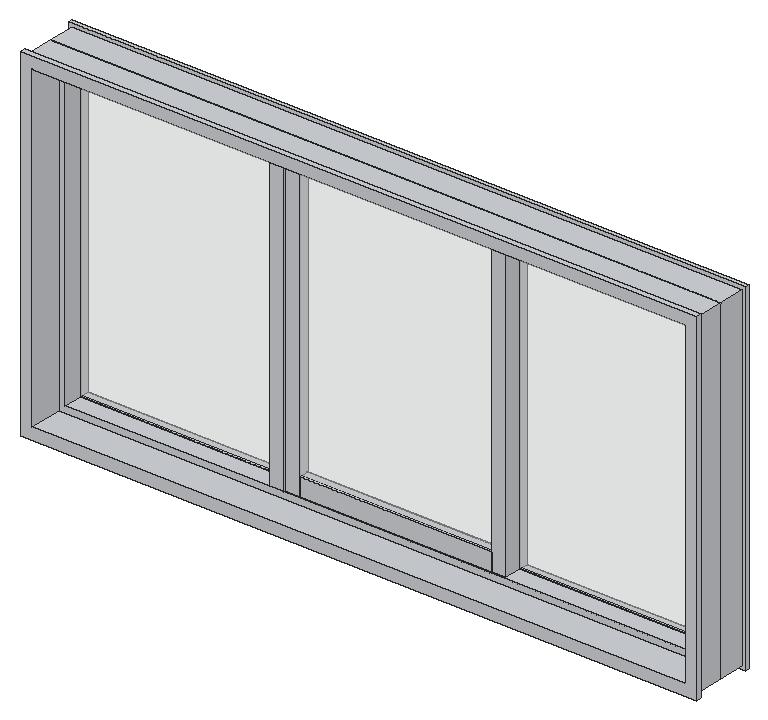
Revit family "APL Residential Thermal Heart Sliding Window FSF", category Windows, host Wall, Revit 2017 (continued)
Definition of nested family "APL Residential Thermal Heart Sliding Window FSF Horizontal Section"
  Definition of nested family "Jamb Fixed"
    Definition of nested family "65400_Jamb Fixed"
      Lines and regions (mm)
        detail lines, in view "Ref. Level"
          curve 179: line (42.5, 5.75, 0) -> (42.5, 6.5, 0)
          curve 180: line (43.5, 7.5, 0) -> (44.395, 7.5, 0)
          curve 181: line (44.6, 7.7, 0) -> (44.6, 18.8, 0)
          curve 182: line (44.395, 19, 0) -> (34.3, 19, 0)
          curve 183: line (34.3, 19, 0) -> (33.9, 19.4, 0)
          curve 184: line (33.9, 19.4, 0) -> (33.5, 19, 0)
          curve 185: line (33.5, 19, 0) -> (26.583, 19, 0)
          curve 186: line (25.813, 18.732, 0) -> (24.403, 18.218, 0)
          curve 187: line (24.001, 18.526, 0) -> (24.208, 20.892, 0)
          curve 188: line (24.295, 21.078, 0) -> (24.659, 21.441, 0)
          curve 189: line (24.993, 21.352, 0) -> (25.038, 21.184, 0)
          curve 190: line (25.179, 21.043, 0) -> (27.312, 20.472, 0)
          curve 191: line (27.5, 21.247, 0) -> (27.5, 24.475, 0)
          curve 192: line (27.5, 24.5, 0) -> (27.694, 25.25, 0)
          curve 193: line (27.5, 25.5, 0) -> (26.979, 25.5, 0)
          curve 194: line (26.823, 25.456, 0) -> (25.569, 24.691, 0)
          curve 195: line (25, 24.55, 0) -> (25, 26.126, 0)
          curve 196: line (25.479, 26.979, 0) -> (26.284, 27.471, 0)
          curve 197: line (26.389, 27.5, 0) -> (27.5, 27.5, 0)
          curve 198: line (27.5, 27.5, 0) -> (27.5, 34.3, 0)
          curve 199: arc (27.5, 34.3, 0) -> (27.447, 34.435, 0) -> (27.317, 34.499, 0) r 0.2
          curve 200: arc (70.2, 32.6, 0) -> (70.317, 32.883, 0) -> (70.6, 33, 0) r 0.4
          curve 201: arc (70.893, 33, 0) -> (70.996, 32.986, 0) -> (71.093, 32.946, 0) r 0.4
          curve 202: arc (72.621, 32.061, 0) -> (72.911, 31.941, 0) -> (73.222, 31.9, 0) r 1.2
          curve 203: arc (74.145, 31.9, 0) -> (74.718, 31.719, 0) -> (75.084, 31.242, 0) r 1
          curve 204: arc (75.877, 29.063, 0) -> (76.024, 28.872, 0) -> (76.253, 28.8, 0) r 0.4
          curve 205: arc (78.947, 28.8, 0) -> (79.176, 28.872, 0) -> (79.323, 29.063, 0) r 0.4
          curve 206: arc (80.116, 31.242, 0) -> (80.482, 31.719, 0) -> (81.055, 31.9, 0) r 1
          curve 207: arc (81.978, 31.9, 0) -> (82.289, 31.941, 0) -> (82.579, 32.061, 0) r 1.2
          curve 208: arc (84.107, 32.946, 0) -> (84.204, 32.986, 0) -> (84.307, 33, 0) r 0.4
          curve 209: arc (84.6, 33, 0) -> (84.883, 32.883, 0) -> (85, 32.6, 0) r 0.4
          curve 210: arc (85, 29.2, 0) -> (84.883, 28.917, 0) -> (84.6, 28.8, 0) r 0.4
          curve 211: arc (84.307, 28.8, 0) -> (84.204, 28.814, 0) -> (84.107, 28.854, 0) r 0.4
          curve 212: arc (82.579, 29.739, 0) -> (82.285, 29.86, 0) -> (81.97, 29.9, 0) r 1.2
          curve 213: arc (81.97, 29.9, 0) -> (81.795, 29.847, 0) -> (81.684, 29.703, 0) r 0.3
          curve 214: arc (80.796, 27.263, 0) -> (80.649, 27.072, 0) -> (80.42, 27, 0) r 0.4
          curve 215: arc (74.78, 27, 0) -> (74.551, 27.072, 0) -> (74.404, 27.263, 0) r 0.4
          curve 216: arc (73.516, 29.703, 0) -> (73.405, 29.847, 0) -> (73.23, 29.9, 0) r 0.3
          curve 217: arc (73.23, 29.9, 0) -> (72.915, 29.86, 0) -> (72.621, 29.739, 0) r 1.2
          curve 218: arc (71.093, 28.854, 0) -> (70.996, 28.814, 0) -> (70.893, 28.8, 0) r 0.4
          curve 219: arc (70.6, 28.8, 0) -> (70.317, 28.917, 0) -> (70.2, 29.2, 0) r 0.4
          curve 220: line (70.6, 33, 0) -> (70.893, 33, 0)
          curve 221: line (71.093, 32.946, 0) -> (72.621, 32.061, 0)
          curve 222: line (73.222, 31.9, 0) -> (74.145, 31.9, 0)
          curve 223: line (75.084, 31.242, 0) -> (75.877, 29.063, 0)
          curve 224: line (76.253, 28.8, 0) -> (78.947, 28.8, 0)
          curve 225: line (79.323, 29.063, 0) -> (80.116, 31.242, 0)
          curve 226: line (81.055, 31.9, 0) -> (81.978, 31.9, 0)
          curve 227: line (82.579, 32.061, 0) -> (84.107, 32.946, 0)
          curve 228: line (84.307, 33, 0) -> (84.6, 33, 0)
          curve 229: line (85, 32.6, 0) -> (85, 29.2, 0)
          curve 230: line (84.6, 28.8, 0) -> (84.307, 28.8, 0)
          curve 231: line (84.107, 28.854, 0) -> (82.579, 29.739, 0)
          curve 232: line (81.684, 29.703, 0) -> (80.796, 27.263, 0)
          curve 233: line (80.42, 27, 0) -> (74.78, 27, 0)
          curve 234: line (74.404, 27.263, 0) -> (73.516, 29.703, 0)
          curve 235: line (72.621, 29.739, 0) -> (71.093, 28.854, 0)
          curve 236: line (70.893, 28.8, 0) -> (70.6, 28.8, 0)
          curve 237: line (70.2, 29.2, 0) -> (70.2, 32.6, 0)
          curve 238: arc (70.2, 37.4, 0) -> (70.317, 37.117, 0) -> (70.6, 37, 0) r 0.4
          curve 239: arc (70.893, 37, 0) -> (70.996, 37.014, 0) -> (71.093, 37.054, 0) r 0.4
          curve 240: arc (72.621, 37.939, 0) -> (72.911, 38.059, 0) -> (73.222, 38.1, 0) r 1.2
          curve 241: arc (74.145, 38.1, 0) -> (74.718, 38.281, 0) -> (75.084, 38.758, 0) r 1
          curve 242: arc (75.877, 40.937, 0) -> (76.024, 41.128, 0) -> (76.253, 41.2, 0) r 0.4
          curve 243: arc (78.947, 41.2, 0) -> (79.176, 41.128, 0) -> (79.323, 40.937, 0) r 0.4
          curve 244: arc (80.116, 38.758, 0) -> (80.482, 38.281, 0) -> (81.055, 38.1, 0) r 1
          curve 245: arc (81.978, 38.1, 0) -> (82.289, 38.059, 0) -> (82.579, 37.939, 0) r 1.2
          curve 246: arc (84.107, 37.054, 0) -> (84.204, 37.014, 0) -> (84.307, 37, 0) r 0.4
          curve 247: arc (84.6, 37, 0) -> (84.883, 37.117, 0) -> (85, 37.4, 0) r 0.4
          curve 248: arc (85, 40.8, 0) -> (84.883, 41.083, 0) -> (84.6, 41.2, 0) r 0.4
          curve 249: arc (84.307, 41.2, 0) -> (84.204, 41.186, 0) -> (84.107, 41.146, 0) r 0.4
          curve 250: arc (82.579, 40.262, 0) -> (82.285, 40.14, 0) -> (81.97, 40.1, 0) r 1.2
          curve 251: arc (81.97, 40.1, 0) -> (81.795, 40.153, 0) -> (81.684, 40.297, 0) r 0.3
          curve 252: arc (80.796, 42.737, 0) -> (80.649, 42.928, 0) -> (80.42, 43, 0) r 0.4
          curve 253: arc (74.78, 43, 0) -> (74.551, 42.928, 0) -> (74.404, 42.737, 0) r 0.4
          curve 254: arc (73.516, 40.297, 0) -> (73.405, 40.153, 0) -> (73.23, 40.1, 0) r 0.3
          curve 255: arc (73.23, 40.1, 0) -> (72.915, 40.14, 0) -> (72.621, 40.262, 0) r 1.2
          curve 256: arc (71.093, 41.146, 0) -> (70.996, 41.186, 0) -> (70.893, 41.2, 0) r 0.4
          curve 257: arc (70.6, 41.2, 0) -> (70.317, 41.083, 0) -> (70.2, 40.8, 0) r 0.4
          curve 258: line (70.6, 37, 0) -> (70.893, 37, 0)
          curve 259: line (71.093, 37.054, 0) -> (72.621, 37.939, 0)
          curve 260: line (73.222, 38.1, 0) -> (74.145, 38.1, 0)
          curve 261: line (75.084, 38.758, 0) -> (75.877, 40.937, 0)
          curve 262: line (76.253, 41.2, 0) -> (78.947, 41.2, 0)
          curve 263: line (79.323, 40.937, 0) -> (80.116, 38.758, 0)
          curve 264: line (81.055, 38.1, 0) -> (81.978, 38.1, 0)
          curve 265: line (82.579, 37.939, 0) -> (84.107, 37.054, 0)
          curve 266: line (84.307, 37, 0) -> (84.6, 37, 0)
          curve 267: line (85, 37.4, 0) -> (85, 40.8, 0)
          curve 268: line (84.6, 41.2, 0) -> (84.307, 41.2, 0)
          curve 269: line (84.107, 41.146, 0) -> (82.579, 40.262, 0)
          curve 270: line (81.684, 40.297, 0) -> (80.796, 42.737, 0)
          curve 271: line (80.42, 43, 0) -> (74.78, 43, 0)
          curve 272: line (74.404, 42.737, 0) -> (73.516, 40.297, 0)
          curve 273: line (72.621, 40.262, 0) -> (71.093, 41.146, 0)
          curve 274: line (70.893, 41.2, 0) -> (70.6, 41.2, 0)
          curve 275: line (70.2, 40.8, 0) -> (70.2, 37.4, 0)
          curve 276: arc (113.4, 7.123, 0) -> (113.327, 7.05, 0) -> (113.3, 6.95, 0) r 0.2
          curve 277: arc (113.3, 2.75, 0) -> (113.327, 2.65, 0) -> (113.4, 2.577, 0) r 0.2
          curve 278: arc (113.4, 2.577, 0) -> (113.473, 2.504, 0) -> (113.5, 2.404, 0) r 0.2
          curve 279: arc (113.5, 1.2, 0) -> (113.441, 1.059, 0) -> (113.3, 1, 0) r 0.2
          curve 280: arc (111.701, 1, 0) -> (111.559, 1.058, 0) -> (111.5, 1.2, 0) r 0.2
          curve 281: arc (111.5, 2.05, 0) -> (111, 2.549, 0) -> (110.5, 2.05, 0) r 0.5
          curve 282: arc (110.5, 0.5, 0) -> (110.646, 0.146, 0) -> (111, 0, 0) r 0.499
          curve 283: arc (114.5, 0, 0) -> (114.847, 0.153, 0) -> (115, 0.5, 0) r 0.523
          curve 284: arc (115, 21.5, 0) -> (114.856, 21.856, 0) -> (114.5, 22, 0) r 0.493
          curve 285: arc (111.7, 22, 0) -> (111.558, 22.058, 0) -> (111.5, 22.2, 0) r 0.199
          curve 286: arc (111.5, 29.801, 0) -> (110.852, 31.441, 0) -> (109.258, 32.195, 0) r 2.399
          curve 287: arc (109.258, 32.195, 0) -> (108.878, 32.412, 0) -> (108.814, 32.844, 0) r 0.5
          curve 288: arc (108.814, 32.844, 0) -> (109, 34.047, 0) -> (108.816, 35.25, 0) r 4
          curve 289: arc (108.816, 35.25, 0) -> (108.89, 35.696, 0) -> (109.293, 35.9, 0) r 0.5
          curve 290: arc (109.5, 35.9, 0) -> (110.914, 36.486, 0) -> (111.5, 37.9, 0) r 2.001
          curve 291: arc (120.75, 41.5, 0) -> (121.501, 42.253, 0) -> (120.745, 43, 0) r 0.75
          curve 292: arc (111.5, 43, 0) -> (110.439, 42.561, 0) -> (110, 41.5, 0) r 1.5
          curve 293: arc (110, 38, 0) -> (109.941, 37.859, 0) -> (109.8, 37.8, 0) r 0.2
          curve 294: arc (100.5, 37.8, 0) -> (100.146, 37.654, 0) -> (100, 37.3, 0) r 0.5
          curve 295: arc (100, 36.8, 0) -> (100.146, 36.446, 0) -> (100.5, 36.3, 0) r 0.5
          curve 296: arc (101.927, 36.3, 0) -> (102.266, 36.167, 0) -> (102.426, 35.84, 0) r 0.5
          curve 297: arc (102.426, 35.84, 0) -> (102.912, 35.197, 0) -> (103.7, 35.366, 0) r 0.75
          curve 298: arc (103.7, 35.366, 0) -> (105, 35.9, 0) -> (106.3, 35.366, 0) r 1.85
          curve 299: arc (106.3, 35.366, 0) -> (106.442, 35.256, 0) -> (106.607, 35.183, 0) r 0.75
          curve 300: arc (106.607, 35.183, 0) -> (106.791, 35.08, 0) -> (106.916, 34.91, 0) r 0.5
          curve 301: arc (106.916, 34.91, 0) -> (107.1, 34.05, 0) -> (106.916, 33.19, 0) r 2.1
          curve 302: arc (106.916, 33.19, 0) -> (106.791, 33.02, 0) -> (106.607, 32.917, 0) r 0.5
          curve 303: arc (106.607, 32.917, 0) -> (106.442, 32.844, 0) -> (106.3, 32.734, 0) r 0.75
          curve 304: arc (106.3, 32.734, 0) -> (105, 32.2, 0) -> (103.7, 32.734, 0) r 1.85
          curve 305: arc (103.7, 32.734, 0) -> (103.027, 32.936, 0) -> (102.482, 32.491, 0) r 0.75
          curve 306: arc (102.482, 32.491, 0) -> (102.32, 32.284, 0) -> (102.075, 32.188, 0) r 0.5
          curve 307: arc (102.075, 32.188, 0) -> (101.154, 31.86, 0) -> (100.481, 31.15, 0) r 2.1
          curve 308: arc (100.481, 31.15, 0) -> (100.298, 30.967, 0) -> (100.048, 30.9, 0) r 0.5
          curve 309: arc (91.556, 30.9, 0) -> (91.287, 30.978, 0) -> (91.103, 31.188, 0) r 0.5
          curve 310: arc (91.103, 31.188, 0) -> (90.328, 32.071, 0) -> (89.2, 32.4, 0) r 2.1
          curve 311: arc (87.9, 32.4, 0) -> (87.193, 32.693, 0) -> (86.9, 33.4, 0) r 1
          curve 312: arc (86.9, 42.5, 0) -> (86.754, 42.854, 0) -> (86.4, 43, 0) r 0.5
          curve 313: arc (84.083, 43, 0) -> (83.778, 42.801, 0) -> (83.505, 43.043, 0) r 0.3
          curve 314: arc (83.505, 43.043, 0) -> (83.439, 43.181, 0) -> (83.313, 43.268, 0) r 0.3
          curve 315: arc (81.903, 43.782, 0) -> (81.617, 43.738, 0) -> (81.501, 43.474, 0) r 0.3
          curve 316: arc (81.708, 41.108, 0) -> (81.735, 41.008, 0) -> (81.795, 40.922, 0) r 0.3
          curve 317: arc (82.159, 40.559, 0) -> (82.352, 40.507, 0) -> (82.493, 40.648, 0) r 0.2
          curve 318: arc (82.538, 40.816, 0) -> (82.59, 40.905, 0) -> (82.679, 40.957, 0) r 0.2
          curve 319: arc (84.822, 41.49, 0) -> (85.164, 41.343, 0) -> (85.1, 40.976, 0) r 0.3
          curve 320: arc (85.1, 40.976, 0) -> (85.026, 40.875, 0) -> (85, 40.753, 0) r 0.3
          curve 321: arc (85.194, 36.75, 0) -> (85.158, 36.578, 0) -> (85, 36.5, 0) r 0.2
          curve 322: arc (84.479, 36.5, 0) -> (84.398, 36.511, 0) -> (84.323, 36.544, 0) r 0.3
          curve 323: arc (83.069, 37.309, 0) -> (83.063, 37.502, 0) -> (82.92, 37.633, 0) r 0.25
          curve 324: arc (82.92, 37.633, 0) -> (82.65, 37.679, 0) -> (82.5, 37.45, 0) r 0.25
          curve 325: arc (82.5, 35.874, 0) -> (82.582, 35.477, 0) -> (82.815, 35.146, 0) r 1
          curve 326: arc (82.815, 35.146, 0) -> (82.878, 35, 0) -> (82.815, 34.854, 0) r 0.2
          curve 327: arc (82.815, 34.854, 0) -> (82.582, 34.523, 0) -> (82.5, 34.126, 0) r 1
          curve 328: arc (82.5, 32.55, 0) -> (82.628, 32.332, 0) -> (82.88, 32.337, 0) r 0.25
          curve 329: arc (82.966, 32.389, 0) -> (83.072, 32.521, 0) -> (83.069, 32.691, 0) r 0.25
          curve 330: arc (84.323, 33.456, 0) -> (84.398, 33.489, 0) -> (84.479, 33.5, 0) r 0.3
          curve 331: arc (85, 33.5, 0) -> (85.158, 33.423, 0) -> (85.194, 33.25, 0) r 0.2
          curve 332: arc (85, 29.247, 0) -> (85.026, 29.125, 0) -> (85.1, 29.024, 0) r 0.3
          curve 333: arc (85.1, 29.024, 0) -> (85.164, 28.657, 0) -> (84.822, 28.51, 0) r 0.3
          curve 334: arc (82.679, 29.043, 0) -> (82.59, 29.095, 0) -> (82.538, 29.184, 0) r 0.2
          curve 335: arc (82.493, 29.352, 0) -> (82.352, 29.493, 0) -> (82.159, 29.441, 0) r 0.2
          curve 336: arc (81.795, 29.078, 0) -> (81.735, 28.992, 0) -> (81.708, 28.892, 0) r 0.3
          curve 337: arc (81.501, 26.526, 0) -> (81.617, 26.262, 0) -> (81.903, 26.218, 0) r 0.3
          curve 338: arc (83.313, 26.732, 0) -> (83.439, 26.819, 0) -> (83.505, 26.957, 0) r 0.3
          curve 339: arc (83.505, 26.957, 0) -> (83.778, 27.199, 0) -> (84.083, 27, 0) r 0.3
          curve 340: arc (86.7, 27, 0) -> (86.841, 27.059, 0) -> (86.9, 27.2, 0) r 0.2
          curve 341: arc (86.9, 30.3, 0) -> (86.959, 30.441, 0) -> (87.1, 30.5, 0) r 0.2
          curve 342: arc (89.2, 30.5, 0) -> (89.341, 30.441, 0) -> (89.4, 30.3, 0) r 0.2
          curve 343: arc (89.4, 29.2, 0) -> (89.459, 29.059, 0) -> (89.6, 29, 0) r 0.2
          curve 344: arc (101.9, 29, 0) -> (102.042, 29.059, 0) -> (102.1, 29.2, 0) r 0.2
          curve 345: arc (102.1, 30.1, 0) -> (102.159, 30.241, 0) -> (102.3, 30.3, 0) r 0.2
          curve 346: arc (109.1, 30.3, 0) -> (109.454, 30.154, 0) -> (109.6, 29.8, 0) r 0.5
          curve 347: arc (109.6, 28.5, 0) -> (109.541, 28.359, 0) -> (109.4, 28.3, 0) r 0.2
          curve 348: arc (107.3, 28.3, 0) -> (107.159, 28.241, 0) -> (107.1, 28.1, 0) r 0.2
          curve 349: arc (107.1, 27.2, 0) -> (107.159, 27.059, 0) -> (107.3, 27, 0) r 0.2
          curve 350: arc (109.5, 27, 0) -> (109.854, 26.854, 0) -> (110, 26.5, 0) r 0.5
          curve 351: arc (110, 20.2, 0) -> (110.146, 19.846, 0) -> (110.5, 19.7, 0) r 0.5
          curve 352: arc (111.3, 19.7, 0) -> (111.441, 19.759, 0) -> (111.5, 19.9, 0) r 0.2
          curve 353: arc (113.3, 20.7, 0) -> (113.441, 20.641, 0) -> (113.5, 20.5, 0) r 0.2
          curve 354: arc (113.5, 15.6, 0) -> (113.1, 15.2, 0) -> (113.5, 14.8, 0) r 0.4
          curve 355: arc (113.5, 9.9, 0) -> (113.441, 9.759, 0) -> (113.3, 9.7, 0) r 0.2
          curve 356: arc (111.5, 10.3, 0) -> (111.383, 10.583, 0) -> (111.1, 10.7, 0) r 0.4
          curve 357: arc (111, 10.7, 0) -> (110.646, 10.553, 0) -> (110.5, 10.2, 0) r 0.5
          curve 358: arc (110.5, 7.65, 0) -> (111, 7.15, 0) -> (111.5, 7.65, 0) r 0.5
          curve 359: arc (111.5, 8.5, 0) -> (111.559, 8.641, 0) -> (111.7, 8.7, 0) r 0.2
          curve 360: arc (113.3, 8.7, 0) -> (113.441, 8.641, 0) -> (113.5, 8.5, 0) r 0.2
          curve 361: line (113.3, 6.95, 0) -> (113.3, 2.75, 0)
          curve 362: line (113.5, 2.404, 0) -> (113.5, 1.2, 0)
          curve 363: line (113.3, 1, 0) -> (111.701, 1, 0)
          curve 364: line (111.5, 1.2, 0) -> (111.5, 2.05, 0)
          curve 365: line (110.5, 2.05, 0) -> (110.5, 0.5, 0)
          curve 366: line (111, 0, 0) -> (114.5, 0, 0)
          curve 367: line (115, 0.5, 0) -> (115, 21.5, 0)
          curve 368: line (114.5, 22, 0) -> (111.7, 22, 0)
          curve 369: line (111.5, 22.2, 0) -> (111.5, 29.801, 0)
          curve 370: line (109.293, 35.9, 0) -> (109.5, 35.9, 0)
          curve 371: line (111.5, 37.9, 0) -> (111.5, 41.5, 0)
          curve 372: line (111.5, 41.5, 0) -> (120.75, 41.5, 0)
          curve 373: line (120.745, 43, 0) -> (119, 43, 0)
          curve 374: line (119, 43, 0) -> (118.6, 42.6, 0)
          curve 375: line (118.6, 42.6, 0) -> (112.3, 42.6, 0)
          curve 376: line (112.3, 42.6, 0) -> (111.9, 43, 0)
          curve 377: line (111.9, 43, 0) -> (111.5, 43, 0)
          curve 378: line (110, 41.5, 0) -> (110, 38, 0)
          curve 379: line (109.8, 37.8, 0) -> (100.5, 37.8, 0)
          curve 380: line (100, 37.3, 0) -> (100, 36.8, 0)
          curve 381: line (100.5, 36.3, 0) -> (101.927, 36.3, 0)
          curve 382: line (100.048, 30.9, 0) -> (91.556, 30.9, 0)
          curve 383: line (89.2, 32.4, 0) -> (87.9, 32.4, 0)
          curve 384: line (86.9, 33.4, 0) -> (86.9, 42.5, 0)
          curve 385: line (86.4, 43, 0) -> (84.083, 43, 0)
          curve 386: line (83.313, 43.268, 0) -> (81.903, 43.782, 0)
          curve 387: line (81.501, 43.474, 0) -> (81.708, 41.108, 0)
          curve 388: line (81.795, 40.922, 0) -> (82.159, 40.559, 0)
          curve 389: line (82.493, 40.648, 0) -> (82.538, 40.816, 0)
          curve 390: line (82.679, 40.957, 0) -> (84.812, 41.528, 0)
          curve 391: line (85, 40.753, 0) -> (85, 37.525, 0)
          curve 392: line (85, 37.5, 0) -> (85.194, 36.75, 0)
          curve 393: line (85, 36.5, 0) -> (84.479, 36.5, 0)
          curve 394: line (84.323, 36.544, 0) -> (83.069, 37.309, 0)
          curve 395: line (82.5, 37.45, 0) -> (82.5, 35.874, 0)
          curve 396: line (82.5, 34.126, 0) -> (82.5, 32.55, 0)
          curve 397: line (83.069, 32.691, 0) -> (84.323, 33.456, 0)
          curve 398: line (84.479, 33.5, 0) -> (85, 33.5, 0)
          curve 399: line (85.194, 33.25, 0) -> (85, 32.5, 0)
          curve 400: line (85, 32.475, 0) -> (85, 29.248, 0)
          curve 401: line (84.812, 28.472, 0) -> (82.679, 29.043, 0)
          curve 402: line (82.538, 29.184, 0) -> (82.493, 29.352, 0)
          curve 403: line (82.159, 29.441, 0) -> (81.795, 29.078, 0)
          curve 404: line (81.708, 28.892, 0) -> (81.501, 26.526, 0)
          curve 405: line (81.903, 26.218, 0) -> (83.313, 26.732, 0)
          curve 406: line (84.083, 27, 0) -> (86.7, 27, 0)
          curve 407: line (86.9, 27.2, 0) -> (86.9, 30.3, 0)
          curve 408: line (87.1, 30.5, 0) -> (89.2, 30.5, 0)
          curve 409: line (89.4, 30.3, 0) -> (89.4, 29.2, 0)
          curve 410: line (89.6, 29, 0) -> (95.4, 29, 0)
          curve 411: line (95.4, 29, 0) -> (95.8, 29.4, 0)
          curve 412: line (95.8, 29.4, 0) -> (96.2, 29, 0)
          curve 413: line (96.2, 29, 0) -> (101.9, 29, 0)
          curve 414: line (102.1, 29.2, 0) -> (102.1, 30.1, 0)
          curve 415: line (102.3, 30.3, 0) -> (109.1, 30.3, 0)
          curve 416: line (109.6, 29.8, 0) -> (109.6, 28.5, 0)
          curve 417: line (109.4, 28.3, 0) -> (107.3, 28.3, 0)
          curve 418: line (107.1, 28.1, 0) -> (107.1, 27.2, 0)
          curve 419: line (107.3, 27, 0) -> (109.5, 27, 0)
          curve 420: line (110, 26.5, 0) -> (110, 20.2, 0)
          curve 421: line (110.5, 19.7, 0) -> (111.3, 19.7, 0)
          curve 422: line (111.5, 19.9, 0) -> (111.5, 20.7, 0)
          curve 423: line (111.5, 20.7, 0) -> (113.3, 20.7, 0)
          curve 424: line (113.5, 20.5, 0) -> (113.5, 15.6, 0)
          curve 425: line (113.5, 14.8, 0) -> (113.5, 9.9, 0)
          curve 426: line (113.3, 9.7, 0) -> (111.5, 9.7, 0)
          curve 427: line (111.5, 9.7, 0) -> (111.5, 10.3, 0)
          curve 428: line (110.5, 10.2, 0) -> (110.5, 7.65, 0)
          curve 429: line (111.5, 7.65, 0) -> (111.5, 8.5, 0)
          curve 430: line (111.7, 8.7, 0) -> (113.3, 8.7, 0)
          curve 431: line (113.5, 8.5, 0) -> (113.5, 7.296, 0)
          curve 432: arc (113.5, 7.296, 0) -> (113.473, 7.196, 0) -> (113.4, 7.123, 0) r 0.2
          curve 433: arc (12.7, 24.6, 0) -> (12.817, 24.883, 0) -> (13.1, 25, 0) r 0.4
          curve 434: arc (13.393, 25, 0) -> (13.496, 24.986, 0) -> (13.593, 24.946, 0) r 0.4
          curve 435: arc (15.121, 24.062, 0) -> (15.411, 23.941, 0) -> (15.722, 23.9, 0) r 1.2
          curve 436: arc (16.645, 23.9, 0) -> (17.218, 23.719, 0) -> (17.584, 23.242, 0) r 1
          curve 437: arc (18.377, 21.063, 0) -> (18.524, 20.872, 0) -> (18.753, 20.8, 0) r 0.4
          curve 438: arc (21.447, 20.8, 0) -> (21.676, 20.872, 0) -> (21.823, 21.063, 0) r 0.4
          curve 439: arc (22.616, 23.242, 0) -> (22.982, 23.719, 0) -> (23.555, 23.9, 0) r 1
          curve 440: arc (24.478, 23.9, 0) -> (24.789, 23.941, 0) -> (25.079, 24.062, 0) r 1.2
          curve 441: arc (26.607, 24.946, 0) -> (26.704, 24.986, 0) -> (26.807, 25, 0) r 0.4
          curve 442: arc (27.1, 25, 0) -> (27.383, 24.883, 0) -> (27.5, 24.6, 0) r 0.4
          curve 443: arc (27.5, 21.2, 0) -> (27.383, 20.917, 0) -> (27.1, 20.8, 0) r 0.4
          curve 444: arc (26.807, 20.8, 0) -> (26.704, 20.814, 0) -> (26.607, 20.854, 0) r 0.4
          curve 445: arc (25.079, 21.739, 0) -> (24.785, 21.86, 0) -> (24.47, 21.9, 0) r 1.2
          curve 446: arc (24.47, 21.9, 0) -> (24.295, 21.847, 0) -> (24.184, 21.703, 0) r 0.3
          curve 447: arc (23.296, 19.263, 0) -> (23.149, 19.072, 0) -> (22.92, 19, 0) r 0.4
          curve 448: arc (17.28, 19, 0) -> (17.051, 19.072, 0) -> (16.904, 19.263, 0) r 0.4
          curve 449: arc (16.016, 21.703, 0) -> (15.905, 21.847, 0) -> (15.73, 21.9, 0) r 0.3
          curve 450: arc (15.73, 21.9, 0) -> (15.415, 21.86, 0) -> (15.121, 21.739, 0) r 1.2
          curve 451: arc (13.593, 20.854, 0) -> (13.496, 20.814, 0) -> (13.393, 20.8, 0) r 0.4
          curve 452: arc (13.1, 20.8, 0) -> (12.817, 20.917, 0) -> (12.7, 21.2, 0) r 0.4
          curve 453: line (13.1, 25, 0) -> (13.393, 25, 0)
          curve 454: line (13.593, 24.946, 0) -> (15.121, 24.062, 0)
          curve 455: line (15.722, 23.9, 0) -> (16.645, 23.9, 0)
          curve 456: line (17.584, 23.242, 0) -> (18.377, 21.063, 0)
          curve 457: line (18.753, 20.8, 0) -> (21.447, 20.8, 0)
          curve 458: line (21.823, 21.063, 0) -> (22.616, 23.242, 0)
          curve 459: line (23.555, 23.9, 0) -> (24.478, 23.9, 0)
          curve 460: line (25.079, 24.062, 0) -> (26.607, 24.946, 0)
          curve 461: line (26.807, 25, 0) -> (27.1, 25, 0)
          curve 462: line (27.5, 24.6, 0) -> (27.5, 21.2, 0)
          curve 463: line (27.1, 20.8, 0) -> (26.807, 20.8, 0)
          curve 464: line (26.607, 20.854, 0) -> (25.079, 21.739, 0)
          curve 465: line (24.184, 21.703, 0) -> (23.296, 19.263, 0)
          curve 466: line (22.92, 19, 0) -> (17.28, 19, 0)
          curve 467: line (16.904, 19.263, 0) -> (16.016, 21.703, 0)
          curve 468: line (15.121, 21.739, 0) -> (13.593, 20.854, 0)
          curve 469: line (13.393, 20.8, 0) -> (13.1, 20.8, 0)
          curve 470: line (12.7, 21.2, 0) -> (12.7, 24.6, 0)
          curve 471: arc (12.7, 40.8, 0) -> (12.817, 41.083, 0) -> (13.1, 41.2, 0) r 0.4
          curve 472: arc (13.393, 41.2, 0) -> (13.496, 41.186, 0) -> (13.593, 41.146, 0) r 0.4
          curve 473: arc (15.121, 40.262, 0) -> (15.411, 40.141, 0) -> (15.722, 40.1, 0) r 1.2
          curve 474: arc (16.645, 40.1, 0) -> (17.218, 39.919, 0) -> (17.584, 39.442, 0) r 1
          curve 475: arc (18.377, 37.263, 0) -> (18.524, 37.072, 0) -> (18.753, 37, 0) r 0.4
          curve 476: arc (21.447, 37, 0) -> (21.676, 37.072, 0) -> (21.823, 37.263, 0) r 0.4
          curve 477: arc (22.616, 39.442, 0) -> (22.982, 39.919, 0) -> (23.555, 40.1, 0) r 1
          curve 478: arc (24.478, 40.1, 0) -> (24.789, 40.141, 0) -> (25.079, 40.262, 0) r 1.2
          curve 479: arc (26.607, 41.146, 0) -> (26.704, 41.186, 0) -> (26.807, 41.2, 0) r 0.4
          curve 480: arc (27.1, 41.2, 0) -> (27.383, 41.083, 0) -> (27.5, 40.8, 0) r 0.4
          curve 481: arc (27.5, 37.4, 0) -> (27.383, 37.117, 0) -> (27.1, 37, 0) r 0.4
          curve 482: arc (26.807, 37, 0) -> (26.704, 37.014, 0) -> (26.607, 37.054, 0) r 0.4
          curve 483: arc (25.079, 37.939, 0) -> (24.785, 38.06, 0) -> (24.47, 38.1, 0) r 1.2
          curve 484: arc (24.47, 38.1, 0) -> (24.295, 38.047, 0) -> (24.184, 37.903, 0) r 0.3
          curve 485: arc (23.296, 35.463, 0) -> (23.149, 35.272, 0) -> (22.92, 35.2, 0) r 0.4
          curve 486: arc (17.28, 35.2, 0) -> (17.051, 35.272, 0) -> (16.904, 35.463, 0) r 0.4
          curve 487: arc (16.016, 37.903, 0) -> (15.905, 38.047, 0) -> (15.73, 38.1, 0) r 0.3
          curve 488: arc (15.73, 38.1, 0) -> (15.415, 38.06, 0) -> (15.121, 37.939, 0) r 1.2
          curve 489: arc (13.593, 37.054, 0) -> (13.496, 37.014, 0) -> (13.393, 37, 0) r 0.4
          curve 490: arc (13.1, 37, 0) -> (12.817, 37.117, 0) -> (12.7, 37.4, 0) r 0.4
          curve 491: line (13.1, 41.2, 0) -> (13.393, 41.2, 0)
          curve 492: line (13.593, 41.146, 0) -> (15.121, 40.262, 0)
          curve 493: line (15.722, 40.1, 0) -> (16.645, 40.1, 0)
          curve 494: line (17.584, 39.442, 0) -> (18.377, 37.263, 0)
          curve 495: line (18.753, 37, 0) -> (21.447, 37, 0)
          curve 496: line (21.823, 37.263, 0) -> (22.616, 39.442, 0)
          curve 497: line (23.555, 40.1, 0) -> (24.478, 40.1, 0)
          curve 498: line (25.079, 40.262, 0) -> (26.607, 41.146, 0)
          curve 499: line (26.807, 41.2, 0) -> (27.1, 41.2, 0)
          curve 500: line (27.5, 40.8, 0) -> (27.5, 37.4, 0)
          curve 501: line (27.1, 37, 0) -> (26.807, 37, 0)
          curve 502: line (26.607, 37.054, 0) -> (25.079, 37.939, 0)
          curve 503: line (24.184, 37.903, 0) -> (23.296, 35.463, 0)
          curve 504: line (22.92, 35.2, 0) -> (17.28, 35.2, 0)
          curve 505: line (16.904, 35.463, 0) -> (16.016, 37.903, 0)
          curve 506: line (15.121, 37.939, 0) -> (13.593, 37.054, 0)
          curve 507: line (13.393, 37, 0) -> (13.1, 37, 0)
          curve 508: line (12.7, 37.4, 0) -> (12.7, 40.8, 0)
          curve 509: arc (10.8, 36.502, 0) -> (11.356, 35.157, 0) -> (12.7, 34.6, 0) r 1.9
          curve 510: arc (13.1, 34.6, 0) -> (13.241, 34.541, 0) -> (13.3, 34.4, 0) r 0.2
          curve 511: arc (13.3, 27.6, 0) -> (13.241, 27.459, 0) -> (13.1, 27.4, 0) r 0.2
          curve 512: arc (11, 27.4, 0) -> (10.859, 27.341, 0) -> (10.8, 27.2, 0) r 0.2
          curve 513: arc (10.8, 26.717, 0) -> (10.741, 26.575, 0) -> (10.6, 26.517, 0) r 0.2
          curve 514: arc (1.9, 26.517, 0) -> (1.546, 26.663, 0) -> (1.4, 27.017, 0) r 0.5
          curve 515: arc (1.4, 40.755, 0) -> (1.521, 41.369, 0) -> (1.869, 41.889, 0) r 1.6
          curve 516: arc (6.387, 46.407, 0) -> (6.711, 46.624, 0) -> (7.094, 46.7, 0) r 1
          curve 517: arc (9.8, 46.7, 0) -> (10.507, 46.407, 0) -> (10.8, 45.7, 0) r 1
          curve 518: arc (1.665, 19.379, 0) -> (1.729, 19.478, 0) -> (1.725, 19.597, 0) r 0.2
          curve 519: arc (1.725, 19.597, 0) -> (1.621, 19.766, 0) -> (1.453, 19.873, 0) r 0.45
          curve 520: arc (1.453, 19.873, 0) -> (1.357, 19.948, 0) -> (1.322, 20.064, 0) r 0.2
          curve 521: arc (1.379, 24.919, 0) -> (1.438, 25.059, 0) -> (1.579, 25.117, 0) r 0.2
          curve 522: arc (10.6, 25.117, 0) -> (10.741, 25.058, 0) -> (10.8, 24.917, 0) r 0.2
          curve 523: arc (10.8, 20.828, 0) -> (10.773, 20.728, 0) -> (10.7, 20.655, 0) r 0.2
          curve 524: arc (9.6, 20.02, 0) -> (9.38, 19.8, 0) -> (9.3, 19.5, 0) r 0.6
          curve 525: arc (9.3, 19.2, 0) -> (9.359, 19.059, 0) -> (9.5, 19, 0) r 0.2
          curve 526: arc (13.617, 19, 0) -> (13.922, 19.199, 0) -> (14.195, 18.957, 0) r 0.3
          curve 527: arc (14.195, 18.957, 0) -> (14.261, 18.819, 0) -> (14.387, 18.732, 0) r 0.3
          curve 528: arc (15.797, 18.218, 0) -> (16.083, 18.262, 0) -> (16.199, 18.526, 0) r 0.3
          curve 529: arc (15.992, 20.892, 0) -> (15.965, 20.992, 0) -> (15.905, 21.078, 0) r 0.3
          curve 530: arc (15.541, 21.441, 0) -> (15.348, 21.493, 0) -> (15.207, 21.352, 0) r 0.2
          curve 531: arc (15.162, 21.184, 0) -> (15.11, 21.095, 0) -> (15.021, 21.043, 0) r 0.2
          curve 532: arc (12.878, 20.51, 0) -> (12.536, 20.657, 0) -> (12.6, 21.024, 0) r 0.3
          curve 533: arc (12.6, 21.024, 0) -> (12.674, 21.125, 0) -> (12.7, 21.247, 0) r 0.3
          curve 534: arc (12.506, 25.25, 0) -> (12.542, 25.422, 0) -> (12.7, 25.5, 0) r 0.2
          curve 535: arc (13.221, 25.5, 0) -> (13.302, 25.489, 0) -> (13.377, 25.456, 0) r 0.3
          curve 536: arc (14.631, 24.691, 0) -> (14.637, 24.498, 0) -> (14.78, 24.367, 0) r 0.25
          curve 537: arc (14.78, 24.367, 0) -> (15.05, 24.321, 0) -> (15.2, 24.55, 0) r 0.25
          curve 538: arc (15.2, 34.401, 0) -> (15.259, 34.542, 0) -> (15.4, 34.6, 0) r 0.2
          curve 539: arc (16.479, 34.6, 0) -> (16.643, 34.685, 0) -> (16.667, 34.868, 0) r 0.2
          curve 540: arc (15.775, 37.318, 0) -> (15.702, 37.414, 0) -> (15.587, 37.45, 0) r 0.2
          curve 541: arc (15.353, 37.45, 0) -> (15.248, 37.48, 0) -> (15.174, 37.561, 0) r 0.2
          curve 542: arc (15.174, 37.561, 0) -> (14.995, 37.696, 0) -> (14.78, 37.633, 0) r 0.25
          curve 543: arc (14.78, 37.633, 0) -> (14.637, 37.502, 0) -> (14.631, 37.309, 0) r 0.25
          curve 544: arc (13.377, 36.544, 0) -> (13.302, 36.511, 0) -> (13.221, 36.5, 0) r 0.3
          curve 545: arc (12.7, 36.5, 0) -> (12.542, 36.578, 0) -> (12.506, 36.75, 0) r 0.2
          curve 546: arc (12.7, 40.753, 0) -> (12.674, 40.875, 0) -> (12.6, 40.976, 0) r 0.3
          curve 547: arc (12.6, 40.976, 0) -> (12.536, 41.343, 0) -> (12.878, 41.49, 0) r 0.3
          curve 548: arc (15.021, 40.957, 0) -> (15.11, 40.905, 0) -> (15.162, 40.816, 0) r 0.2
          curve 549: arc (15.207, 40.648, 0) -> (15.348, 40.507, 0) -> (15.541, 40.559, 0) r 0.2
          curve 550: arc (15.905, 40.922, 0) -> (15.965, 41.008, 0) -> (15.992, 41.108, 0) r 0.3
          curve 551: arc (16.199, 43.474, 0) -> (16.083, 43.738, 0) -> (15.797, 43.782, 0) r 0.3
          curve 552: arc (14.387, 43.268, 0) -> (14.261, 43.181, 0) -> (14.195, 43.043, 0) r 0.3
          curve 553: arc (14.195, 43.043, 0) -> (13.922, 42.801, 0) -> (13.617, 43, 0) r 0.3
          curve 554: arc (12.6, 43, 0) -> (12.459, 43.059, 0) -> (12.4, 43.2, 0) r 0.2
          curve 555: arc (12.4, 45.696, 0) -> (11.64, 47.537, 0) -> (9.8, 48.3, 0) r 2.6
          curve 556: arc (7.9, 48.3, 0) -> (7.547, 48.446, 0) -> (7.4, 48.8, 0) r 0.5
          curve 557: arc (7.4, 56.402, 0) -> (7.508, 56.581, 0) -> (7.716, 56.566, 0) r 0.2
          curve 558: arc (7.716, 56.566, 0) -> (8.721, 56.692, 0) -> (8.684, 57.705, 0) r 0.75
          curve 559: arc (8.684, 57.705, 0) -> (8.15, 59.005, 0) -> (8.684, 60.305, 0) r 1.85
          curve 560: arc (8.684, 60.305, 0) -> (8.794, 60.447, 0) -> (8.867, 60.612, 0) r 0.75
          curve 561: arc (8.867, 60.612, 0) -> (8.97, 60.796, 0) -> (9.14, 60.921, 0) r 0.5
          curve 562: arc (9.14, 60.921, 0) -> (10, 61.105, 0) -> (10.86, 60.921, 0) r 2.1
          curve 563: arc (10.86, 60.921, 0) -> (11.03, 60.796, 0) -> (11.133, 60.612, 0) r 0.5
          curve 564: arc (11.133, 60.612, 0) -> (11.206, 60.447, 0) -> (11.316, 60.305, 0) r 0.75
          curve 565: arc (11.316, 60.305, 0) -> (11.85, 59.005, 0) -> (11.316, 57.705, 0) r 1.85
          curve 566: arc (11.316, 57.705, 0) -> (11.323, 56.644, 0) -> (12.384, 56.651, 0) r 0.75
          curve 567: arc (12.384, 56.651, 0) -> (13.348, 58.881, 0) -> (12.551, 61.176, 0) r 3.35
          curve 568: arc (12.551, 61.176, 0) -> (12.478, 61.71, 0) -> (12.932, 62, 0) r 0.5
          curve 569: arc (13.15, 62, 0) -> (13.291, 62.059, 0) -> (13.35, 62.2, 0) r 0.2
          curve 570: arc (13.35, 62.5, 0) -> (13.204, 62.854, 0) -> (12.85, 63, 0) r 0.5
          curve 571: arc (7, 63, 0) -> (6.293, 62.707, 0) -> (6, 62, 0) r 1
          curve 572: arc (6, 49.243, 0) -> (5.772, 48.095, 0) -> (5.121, 47.121, 0) r 3
          curve 573: arc (0.879, 42.879, 0) -> (0.228, 41.905, 0) -> (0, 40.757, 0) r 3
          curve 574: arc (0, 19.2, 0) -> (0.059, 19.059, 0) -> (0.2, 19, 0) r 0.2
          curve 575: line (10.8, 45.7, 0) -> (10.8, 36.502, 0)
          curve 576: line (12.7, 34.6, 0) -> (13.1, 34.6, 0)
          curve 577: line (13.3, 34.4, 0) -> (13.3, 27.6, 0)
          curve 578: line (13.1, 27.4, 0) -> (11, 27.4, 0)
          curve 579: line (10.8, 27.2, 0) -> (10.8, 26.717, 0)
          curve 580: line (10.6, 26.517, 0) -> (1.9, 26.517, 0)
          curve 581: line (1.4, 27.017, 0) -> (1.4, 40.755, 0)
          curve 582: line (1.869, 41.889, 0) -> (6.387, 46.407, 0)
          curve 583: line (7.094, 46.7, 0) -> (9.8, 46.7, 0)
          curve 584: line (1.322, 20.064, 0) -> (1.379, 24.919, 0)
          curve 585: line (1.579, 25.117, 0) -> (10.6, 25.117, 0)
          curve 586: line (10.8, 24.917, 0) -> (10.8, 20.828, 0)
          curve 587: line (10.7, 20.655, 0) -> (9.6, 20.02, 0)
          curve 588: line (9.3, 19.5, 0) -> (9.3, 19.2, 0)
          curve 589: line (9.5, 19, 0) -> (13.617, 19, 0)
          curve 590: line (14.387, 18.732, 0) -> (15.797, 18.218, 0)
          curve 591: line (16.199, 18.526, 0) -> (15.992, 20.892, 0)
          curve 592: line (15.905, 21.078, 0) -> (15.541, 21.441, 0)
          curve 593: line (15.207, 21.352, 0) -> (15.162, 21.184, 0)
          curve 594: line (15.021, 21.043, 0) -> (12.888, 20.472, 0)
          curve 595: line (12.7, 21.247, 0) -> (12.7, 24.475, 0)
          curve 596: line (12.7, 24.5, 0) -> (12.506, 25.25, 0)
          curve 597: line (12.7, 25.5, 0) -> (13.221, 25.5, 0)
          curve 598: line (13.377, 25.456, 0) -> (14.631, 24.691, 0)
          curve 599: line (15.2, 24.55, 0) -> (15.2, 26.126, 0)
          curve 600: line (15.2, 26.126, 0) -> (15.2, 34.401, 0)
          curve 601: line (15.4, 34.6, 0) -> (16.479, 34.6, 0)
          curve 602: line (16.667, 34.868, 0) -> (15.775, 37.318, 0)
          curve 603: line (15.587, 37.45, 0) -> (15.353, 37.45, 0)
          curve 604: line (14.631, 37.309, 0) -> (13.377, 36.544, 0)
          curve 605: line (13.221, 36.5, 0) -> (12.7, 36.5, 0)
          curve 606: line (12.506, 36.75, 0) -> (12.7, 37.5, 0)
          curve 607: line (12.7, 37.525, 0) -> (12.7, 40.753, 0)
          curve 608: line (12.888, 41.528, 0) -> (15.021, 40.957, 0)
          curve 609: line (15.162, 40.816, 0) -> (15.207, 40.648, 0)
          curve 610: line (15.541, 40.559, 0) -> (15.905, 40.922, 0)
          curve 611: line (15.992, 41.108, 0) -> (16.199, 43.474, 0)
          curve 612: line (15.797, 43.782, 0) -> (14.387, 43.268, 0)
          curve 613: line (13.617, 43, 0) -> (12.6, 43, 0)
          curve 614: line (12.4, 43.2, 0) -> (12.4, 45.696, 0)
          curve 615: line (9.8, 48.3, 0) -> (7.9, 48.3, 0)
          curve 616: line (7.4, 48.8, 0) -> (7.4, 56.402, 0)
          curve 617: line (12.932, 62, 0) -> (13.15, 62, 0)
          curve 618: line (13.35, 62.2, 0) -> (13.35, 62.5, 0)
          curve 619: line (12.85, 63, 0) -> (7, 63, 0)
          curve 620: line (6, 62, 0) -> (6, 49.243, 0)
          curve 621: line (5.121, 47.121, 0) -> (0.879, 42.879, 0)
          curve 622: line (0, 40.757, 0) -> (0, 19.2, 0)
          curve 623: line (0.2, 19, 0) -> (1.214, 19, 0)
          curve 624: line (1.214, 19, 0) -> (1.665, 19.379, 0)
      Text (mm)
        text "65400" at (42.552, 67.011, 0), in view "Ref. Level"
    Definition of nested family "65585_Infill"
      Reference planes
        plane 1 "Center (Front/Back)": y = 0
        plane 2: z = 0
        plane 3 "Center (Left/Right)": x = 0
      Lines and regions (mm)
        model lines, in view "Ref. Level"
          curve 1: arc (0.752, -3.072, 0) -> (0.936, -2.765, 0) -> (1, -2.413, 0) r 1
          curve 2: arc (1, -2, 0) -> (1.146, -1.646, 0) -> (1.5, -1.5, 0) r 0.5
          curve 3: arc (36.55, -1.5, 0) -> (36.904, -1.646, 0) -> (37.05, -2, 0) r 0.5
          curve 4: arc (37.05, -2.542, 0) -> (37.582, -3.901, 0) -> (38.896, -4.536, 0) r 2
          curve 5: arc (38.896, -4.536, 0) -> (39.7, -4.528, 0) -> (40.49, -4.38, 0) r 4.6
          curve 6: arc (40.49, -4.38, 0) -> (40.927, -4.463, 0) -> (41.125, -4.861, 0) r 0.5
          curve 7: arc (41.125, -5.356, 0) -> (41.077, -5.571, 0) -> (40.941, -5.744, 0) r 0.5
          curve 8: arc (40.941, -5.744, 0) -> (40.536, -5.965, 0) -> (40.078, -6.026, 0) r 1.261
          curve 9: arc (40.078, -6.026, 0) -> (38.967, -6.436, 0) -> (38.5, -7.524, 0) r 1.5
          curve 10: arc (38.5, -11, 0) -> (38.793, -11.707, 0) -> (39.5, -12, 0) r 1
          curve 11: arc (41.5, -12, 0) -> (42, -11.5, 0) -> (41.5, -11, 0) r 0.5
          curve 12: arc (39.5, -7.524, 0) -> (39.656, -7.161, 0) -> (40.026, -7.024, 0) r 0.5
          curve 13: arc (40.026, -7.024, 0) -> (41.175, -6.779, 0) -> (42.045, -5.99, 0) r 2.261
          curve 14: arc (42.045, -5.99, 0) -> (42.105, -5.861, 0) -> (42.125, -5.72, 0) r 0.5
          curve 15: arc (42.125, -3.292, 0) -> (41.854, -2.848, 0) -> (41.335, -2.884, 0) r 0.5
          curve 16: arc (41.335, -2.884, 0) -> (40.212, -3.419, 0) -> (38.973, -3.539, 0) r 3.6
          curve 17: arc (38.973, -3.539, 0) -> (38.316, -3.222, 0) -> (38.05, -2.542, 0) r 1
          curve 18: arc (38.05, -2.011, 0) -> (38.088, -1.819, 0) -> (38.196, -1.657, 0) r 0.5
          curve 19: arc (39.427, -0.427, 0) -> (39.481, -0.154, 0) -> (39.25, 0, 0) r 0.25
          curve 20: arc (0.5, 0, 0) -> (0.146, -0.146, 0) -> (0, -0.5, 0) r 0.5
          curve 21: line (1, -2.413, 0) -> (1, -2, 0)
          curve 22: line (1.5, -1.5, 0) -> (36.55, -1.5, 0)
          curve 23: line (37.05, -2, 0) -> (37.05, -2.542, 0)
          curve 24: line (41.125, -4.861, 0) -> (41.125, -5.356, 0)
          curve 25: line (38.5, -7.524, 0) -> (38.5, -11, 0)
          curve 26: line (39.5, -12, 0) -> (41.5, -12, 0)
          curve 27: line (41.5, -11, 0) -> (39.5, -11, 0)
          curve 28: line (39.5, -11, 0) -> (39.5, -7.524, 0)
          curve 29: line (42.125, -5.72, 0) -> (42.125, -3.292, 0)
          curve 30: line (38.05, -2.542, 0) -> (38.05, -2.011, 0)
          curve 31: line (38.196, -1.657, 0) -> (39.427, -0.427, 0)
          curve 32: line (39.25, 0, 0) -> (0.5, 0, 0)
          curve 33: line (0, -0.5, 0) -> (0, -2.413, 0)
          curve 34: arc (0, -2.413, 0) -> (-0.837, -6.153, 0) -> (1.856, -8.881, 0) r 4
          curve 35: arc (1.856, -8.881, 0) -> (2.479, -8.546, 0) -> (2.144, -7.923, 0) r 0.5
          curve 36: arc (2.144, -7.923, 0) -> (0.124, -5.878, 0) -> (0.752, -3.072, 0) r 3
      Text (mm)
        text "65585" at (9.33, 14.342, 0), in view "Ref. Level"
  Definition of nested family "Three Panel Closer"
    Reference planes
      plane 1 "Center (Front/Back)": y = 0
      plane 2: z = 0
      plane 3 "Center (Left/Right)": x = 0
    Lines and regions (mm)
      detail lines, in view "Ref. Level"
        curve 1: arc (-13.356, -5.218, 0) -> (-13.496, -5.529, 0) -> (-13.197, -5.691, 0) r 0.25
        curve 2: arc (-3.309, -5.664, 0) -> (-3.01, -5.502, 0) -> (-3.15, -5.192, 0) r 0.25
        curve 3: line (-13.197, -5.691, 0) -> (-9.33, -4.697, 0)
        curve 4: line (-9.33, -4.697, 0) -> (-8.75, -5.7, 0)
        curve 5: line (-8.75, -5.7, 0) -> (-7.75, -5.7, 0)
        curve 6: line (-7.75, -5.7, 0) -> (-7.158, -4.675, 0)
        curve 7: line (-7.158, -4.675, 0) -> (-3.309, -5.664, 0)
        curve 8: line (-3.15, -5.192, 0) -> (-7.25, -3.468, 0)
        curve 9: line (-7.25, -3.468, 0) -> (-7.25, -2.2, 0)
        curve 10: line (-7.25, -2.2, 0) -> (-6, -2.2, 0)
        curve 11: line (-6, -2.2, 0) -> (-6, -1.2, 0)
        curve 12: line (-6, -1.2, 0) -> (-10.5, -1.2, 0)
        curve 13: line (-10.5, -1.2, 0) -> (-10.5, -2.2, 0)
        curve 14: line (-10.5, -2.2, 0) -> (-9.25, -2.2, 0)
        curve 15: line (-9.25, -2.2, 0) -> (-9.25, -3.492, 0)
        curve 16: line (-9.25, -3.492, 0) -> (-13.356, -5.218, 0)
        curve 33: line (46.139, 28.15, 0) -> (44.599, 22.4, 0)
        curve 34: line (44.99, 23.861, 0) -> (44.99, 28.15, 0)
        curve 35: line (44.15, 22.4, 0) -> (44.15, 28.15, 0)
        curve 36: line (43.31, 22.4, 0) -> (43.31, 28.15, 0)
        curve 37: line (42.39, 22.4, 0) -> (42.39, 28.15, 0)
        curve 38: line (41.55, 22.4, 0) -> (41.55, 28.15, 0)
        curve 39: line (40.71, 23.861, 0) -> (40.71, 28.15, 0)
        curve 40: line (41.101, 22.4, 0) -> (39.561, 28.15, 0)
        curve 41: line (46.3, 22.15, 0) -> (39.4, 22.15, 0)
        curve 42: line (39.4, 22.4, 0) -> (46.3, 22.4, 0)
        curve 43: line (46.3, 22.4, 0) -> (46.3, 21.9, 0)
        curve 44: line (46.3, 21.9, 0) -> (39.4, 21.9, 0)
        curve 45: line (39.4, 21.9, 0) -> (39.4, 22.4, 0)
        curve 59: line (46.139, 60.55, 0) -> (44.599, 66.3, 0)
        curve 60: line (44.99, 64.839, 0) -> (44.99, 60.55, 0)
        curve 61: line (44.15, 66.3, 0) -> (44.15, 60.55, 0)
        curve 62: line (43.31, 66.3, 0) -> (43.31, 60.55, 0)
        curve 63: line (42.39, 66.3, 0) -> (42.39, 60.55, 0)
        curve 64: line (41.55, 66.3, 0) -> (41.55, 60.55, 0)
        curve 65: line (40.71, 64.839, 0) -> (40.71, 60.55, 0)
        curve 66: line (41.101, 66.3, 0) -> (39.561, 60.55, 0)
        curve 67: line (46.3, 66.55, 0) -> (39.4, 66.55, 0)
        curve 68: line (39.4, 66.3, 0) -> (46.3, 66.3, 0)
        curve 69: line (46.3, 66.3, 0) -> (46.3, 66.8, 0)
        curve 70: line (46.3, 66.8, 0) -> (39.4, 66.8, 0)
        curve 71: line (39.4, 66.8, 0) -> (39.4, 66.3, 0)
      detail lines, in view "Ref. Level", not visible
        curve 17: arc (33.161, -9.933, 0) -> (32.851, -9.793, 0) -> (32.689, -10.092, 0) r 0.25
        curve 18: arc (32.715, -19.98, 0) -> (32.877, -20.279, 0) -> (33.188, -20.139, 0) r 0.25
        curve 19: line (32.689, -10.092, 0) -> (33.683, -13.959, 0)
        curve 20: line (33.683, -13.959, 0) -> (32.679, -14.539, 0)
        curve 21: line (32.679, -14.539, 0) -> (32.679, -15.539, 0)
        curve 22: line (32.679, -15.539, 0) -> (33.705, -16.131, 0)
        curve 23: line (33.705, -16.131, 0) -> (32.715, -19.98, 0)
        curve 24: line (33.188, -20.139, 0) -> (34.912, -16.039, 0)
        curve 25: line (34.912, -16.039, 0) -> (36.179, -16.039, 0)
        curve 26: line (36.179, -16.039, 0) -> (36.179, -17.289, 0)
        curve 27: line (36.179, -17.289, 0) -> (37.179, -17.289, 0)
        curve 28: line (37.179, -17.289, 0) -> (37.179, -12.789, 0)
        curve 29: line (37.179, -12.789, 0) -> (36.179, -12.789, 0)
        curve 30: line (36.179, -12.789, 0) -> (36.179, -14.039, 0)
        curve 31: line (36.179, -14.039, 0) -> (34.887, -14.039, 0)
        curve 32: line (34.887, -14.039, 0) -> (33.161, -9.933, 0)
        curve 46: line (101.764, -41.439, 0) -> (107.514, -39.899, 0)
        curve 47: line (106.053, -40.29, 0) -> (101.764, -40.29, 0)
        curve 48: line (107.514, -39.45, 0) -> (101.764, -39.45, 0)
        curve 49: line (107.514, -38.61, 0) -> (101.764, -38.61, 0)
        curve 50: line (107.514, -37.69, 0) -> (101.764, -37.69, 0)
        curve 51: line (107.514, -36.85, 0) -> (101.764, -36.85, 0)
        curve 52: line (106.053, -36.01, 0) -> (101.764, -36.01, 0)
        curve 53: line (107.514, -36.401, 0) -> (101.764, -34.861, 0)
        curve 54: line (107.764, -41.6, 0) -> (107.764, -34.7, 0)
        curve 55: line (107.514, -34.7, 0) -> (107.514, -41.6, 0)
        curve 56: line (107.514, -41.6, 0) -> (108.014, -41.6, 0)
        curve 57: line (108.014, -41.6, 0) -> (108.014, -34.7, 0)
        curve 58: line (108.014, -34.7, 0) -> (107.514, -34.7, 0)
    Dimensions and locks
      nested 1 to nested 4 = 2 mm
      locked: nested 4 to nested 1 at 15
    Nested families
      nested 1: "65440_Closer" at (18, -46, 0) x (0, 1, 0) z (0, 0, 1), type "65440_Closer", in view "Ref. Level"
      nested 2: "65575_Threshold" at (29, -46, 0) x (0, 1, 0) z (0, 0, 1), type "65575_Threshold", in view "Ref. Level"
      nested 3: "65656_Infill" at (0, 33.543, 0) x (0, 1, 0) z (0, 0, 1), type "65656_Infill", in view "Ref. Level"
      nested 4: "65520_Lock Stile" at (36.576, 62.5, 0), type "65520_Lock Stile", in view "Ref. Level"
    Definition of nested family "65440_Closer"
      Reference planes
        plane 1 "Center (Front/Back)": y = 0
        plane 2: z = 0
        plane 3 "Center (Left/Right)": x = 0
      Lines and regions (mm)
        model lines, in view "Ref. Level"
          curve 1: arc (15.021, 8.957, 0) -> (15.11, 8.905, 0) -> (15.162, 8.816, 0) r 0.2
          curve 2: arc (15.207, 8.648, 0) -> (15.348, 8.507, 0) -> (15.541, 8.559, 0) r 0.2
          curve 3: arc (15.905, 8.922, 0) -> (15.965, 9.008, 0) -> (15.992, 9.108, 0) r 0.3
          curve 4: arc (16.199, 11.474, 0) -> (16.083, 11.738, 0) -> (15.797, 11.782, 0) r 0.3
          curve 5: arc (14.387, 11.268, 0) -> (14.261, 11.181, 0) -> (14.195, 11.043, 0) r 0.3
          curve 6: arc (14.195, 11.043, 0) -> (13.922, 10.801, 0) -> (13.617, 11, 0) r 0.3
          curve 7: arc (9.5, 11, 0) -> (9.359, 10.941, 0) -> (9.3, 10.8, 0) r 0.2
          curve 8: arc (9.3, 10.5, 0) -> (9.38, 10.2, 0) -> (9.6, 9.98, 0) r 0.6
          curve 9: arc (10.7, 9.345, 0) -> (10.773, 9.272, 0) -> (10.8, 9.172, 0) r 0.2
          curve 10: arc (10.8, 2, 0) -> (10.507, 1.293, 0) -> (9.8, 1, 0) r 1
          curve 11: arc (2.483, 1, 0) -> (1.783, 1.286, 0) -> (1.483, 1.98, 0) r 1
          curve 12: arc (1.322, 9.935, 0) -> (1.357, 10.052, 0) -> (1.453, 10.127, 0) r 0.2
          curve 13: arc (1.453, 10.127, 0) -> (1.621, 10.234, 0) -> (1.725, 10.403, 0) r 0.45
          curve 14: arc (1.725, 10.403, 0) -> (1.729, 10.522, 0) -> (1.665, 10.621, 0) r 0.2
          curve 15: arc (0.2, 11, 0) -> (0.059, 10.941, 0) -> (0, 10.8, 0) r 0.2
          curve 16: arc (0, -10.8, 0) -> (0.059, -10.941, 0) -> (0.2, -11, 0) r 0.2
          curve 17: arc (1.665, -10.621, 0) -> (1.729, -10.522, 0) -> (1.725, -10.403, 0) r 0.2
          curve 18: arc (1.725, -10.403, 0) -> (1.621, -10.234, 0) -> (1.453, -10.127, 0) r 0.45
          curve 19: arc (1.453, -10.127, 0) -> (1.357, -10.052, 0) -> (1.322, -9.935, 0) r 0.2
          curve 20: arc (1.483, -1.98, 0) -> (1.783, -1.286, 0) -> (2.483, -1, 0) r 1
          curve 21: arc (9.8, -1, 0) -> (10.507, -1.293, 0) -> (10.8, -2, 0) r 1
          curve 22: arc (10.8, -9.172, 0) -> (10.773, -9.272, 0) -> (10.7, -9.345, 0) r 0.2
          curve 23: arc (9.6, -9.98, 0) -> (9.38, -10.2, 0) -> (9.3, -10.5, 0) r 0.6
          curve 24: arc (9.3, -10.8, 0) -> (9.359, -10.941, 0) -> (9.5, -11, 0) r 0.2
          curve 25: arc (13.617, -11, 0) -> (13.922, -10.801, 0) -> (14.195, -11.043, 0) r 0.3
          curve 26: arc (14.195, -11.043, 0) -> (14.261, -11.181, 0) -> (14.387, -11.268, 0) r 0.3
          curve 27: arc (15.797, -11.782, 0) -> (16.083, -11.738, 0) -> (16.199, -11.474, 0) r 0.3
          curve 28: arc (15.992, -9.108, 0) -> (15.965, -9.008, 0) -> (15.905, -8.922, 0) r 0.3
          curve 29: arc (15.541, -8.559, 0) -> (15.348, -8.507, 0) -> (15.207, -8.648, 0) r 0.2
          curve 30: arc (15.162, -8.816, 0) -> (15.11, -8.905, 0) -> (15.021, -8.957, 0) r 0.2
          curve 31: arc (12.8, -9.5, 0) -> (12.52, -9.307, 0) -> (12.6, -8.976, 0) r 0.3
          curve 32: arc (12.6, -8.976, 0) -> (12.674, -8.875, 0) -> (12.7, -8.753, 0) r 0.3
          curve 33: arc (12.506, -4.75, 0) -> (12.542, -4.578, 0) -> (12.7, -4.5, 0) r 0.2
          curve 34: arc (13.221, -4.5, 0) -> (13.302, -4.511, 0) -> (13.377, -4.544, 0) r 0.3
          curve 35: arc (14.631, -5.309, 0) -> (14.628, -5.479, 0) -> (14.734, -5.611, 0) r 0.25
          curve 36: arc (14.82, -5.663, 0) -> (15.072, -5.668, 0) -> (15.2, -5.45, 0) r 0.25
          curve 37: arc (15.2, -3.001, 0) -> (15.054, -2.647, 0) -> (14.7, -2.5, 0) r 0.5
          curve 38: arc (12.901, -2.5, 0) -> (12.759, -2.442, 0) -> (12.7, -2.3, 0) r 0.2
          curve 39: arc (12.7, -0.4, 0) -> (13.1, 0, 0) -> (12.7, 0.4, 0) r 0.4
          curve 40: arc (12.7, 2.3, 0) -> (12.759, 2.441, 0) -> (12.9, 2.5, 0) r 0.2
          curve 41: arc (14.697, 2.5, 0) -> (15.053, 2.645, 0) -> (15.2, 3, 0) r 0.5
          curve 42: arc (15.2, 5.449, 0) -> (15.073, 5.668, 0) -> (14.82, 5.663, 0) r 0.25
          curve 43: arc (14.734, 5.611, 0) -> (14.628, 5.479, 0) -> (14.631, 5.309, 0) r 0.25
          curve 44: arc (13.377, 4.544, 0) -> (13.302, 4.511, 0) -> (13.221, 4.5, 0) r 0.3
          curve 45: arc (12.7, 4.5, 0) -> (12.542, 4.578, 0) -> (12.506, 4.75, 0) r 0.2
          curve 46: line (12.954, 9.5, 0) -> (15.021, 8.957, 0)
          curve 47: line (15.021, 8.957, 0) -> (15.207, 8.648, 0)
          curve 48: line (15.541, 8.559, 0) -> (15.905, 8.922, 0)
          curve 49: line (15.992, 9.108, 0) -> (16.199, 11.474, 0)
          curve 50: line (15.797, 11.782, 0) -> (14.387, 11.268, 0)
          curve 51: line (13.617, 11, 0) -> (9.5, 11, 0)
          curve 52: line (9.3, 10.8, 0) -> (9.3, 10.5, 0)
          curve 53: line (9.6, 9.98, 0) -> (10.7, 9.345, 0)
          curve 54: line (10.8, 9.172, 0) -> (10.8, 2, 0)
          curve 55: line (9.8, 1, 0) -> (2.483, 1, 0)
          curve 56: line (1.483, 1.98, 0) -> (1.322, 9.935, 0)
          curve 57: line (1.665, 10.621, 0) -> (1.269, 10.953, 0)
          curve 58: line (1.269, 10.953, 0) -> (0.2, 11, 0)
          curve 59: line (0, 10.8, 0) -> (0, -10.8, 0)
          curve 60: line (0.2, -11, 0) -> (1.141, -11, 0)
          curve 61: line (1.141, -11, 0) -> (1.665, -10.621, 0)
          curve 62: line (1.322, -9.935, 0) -> (1.483, -1.98, 0)
          curve 63: line (2.483, -1, 0) -> (9.8, -1, 0)
          curve 64: line (10.8, -2, 0) -> (10.8, -9.172, 0)
          curve 65: line (10.7, -9.345, 0) -> (9.6, -9.98, 0)
          curve 66: line (9.3, -10.5, 0) -> (9.3, -10.8, 0)
          curve 67: line (9.5, -11, 0) -> (13.617, -11, 0)
          curve 68: line (14.387, -11.268, 0) -> (15.797, -11.782, 0)
          curve 69: line (16.199, -11.474, 0) -> (15.992, -9.108, 0)
          curve 70: line (15.905, -8.922, 0) -> (15.541, -8.559, 0)
          curve 71: line (15.207, -8.648, 0) -> (15.162, -8.816, 0)
          curve 72: line (15.162, -8.816, 0) -> (13.032, -9.49, 0)
          curve 73: line (13.032, -9.49, 0) -> (12.8, -9.5, 0)
          curve 74: line (12.7, -8.753, 0) -> (12.7, -5.525, 0)
          curve 75: line (12.7, -5.525, 0) -> (12.506, -4.75, 0)
          curve 76: line (12.7, -4.5, 0) -> (13.221, -4.5, 0)
          curve 77: line (13.221, -4.5, 0) -> (14.631, -5.309, 0)
          curve 78: line (15.2, -5.45, 0) -> (15.2, -3.001, 0)
          curve 79: line (14.7, -2.5, 0) -> (12.901, -2.5, 0)
          curve 80: line (12.7, -2.3, 0) -> (12.7, -0.4, 0)
          curve 81: line (12.7, 0.4, 0) -> (12.7, 2.3, 0)
          curve 82: line (12.9, 2.5, 0) -> (14.697, 2.5, 0)
          curve 83: line (15.2, 3, 0) -> (15.2, 5.449, 0)
          curve 84: line (14.631, 5.309, 0) -> (13.377, 4.544, 0)
          curve 85: line (13.377, 4.544, 0) -> (12.7, 4.5, 0)
          curve 86: line (12.506, 4.75, 0) -> (12.694, 5.475, 0)
          curve 87: line (12.694, 5.475, 0) -> (12.7, 8.753, 0)
          curve 88: arc (12.7, 8.753, 0) -> (12.674, 8.875, 0) -> (12.6, 8.976, 0) r 0.3
          curve 89: arc (12.6, 8.976, 0) -> (12.52, 9.307, 0) -> (12.8, 9.5, 0) r 0.3
          curve 90: arc (12.7, -5.4, 0) -> (12.817, -5.117, 0) -> (13.1, -5, 0) r 0.4
          curve 91: arc (13.393, -5, 0) -> (13.496, -5.014, 0) -> (13.593, -5.054, 0) r 0.4
          curve 92: arc (15.121, -5.939, 0) -> (15.411, -6.059, 0) -> (15.722, -6.1, 0) r 1.2
          curve 93: arc (16.645, -6.1, 0) -> (17.218, -6.281, 0) -> (17.584, -6.758, 0) r 1
          curve 94: arc (18.377, -8.937, 0) -> (18.524, -9.128, 0) -> (18.753, -9.2, 0) r 0.4
          curve 95: arc (21.447, -9.2, 0) -> (21.676, -9.128, 0) -> (21.823, -8.937, 0) r 0.4
          curve 96: arc (22.616, -6.758, 0) -> (22.982, -6.281, 0) -> (23.555, -6.1, 0) r 1
          curve 97: arc (24.478, -6.1, 0) -> (24.789, -6.059, 0) -> (25.079, -5.939, 0) r 1.2
          curve 98: arc (26.607, -5.054, 0) -> (26.704, -5.014, 0) -> (26.807, -5, 0) r 0.4
          curve 99: arc (27.1, -5, 0) -> (27.383, -5.117, 0) -> (27.5, -5.4, 0) r 0.4
          curve 100: arc (27.5, -8.8, 0) -> (27.383, -9.083, 0) -> (27.1, -9.2, 0) r 0.4
